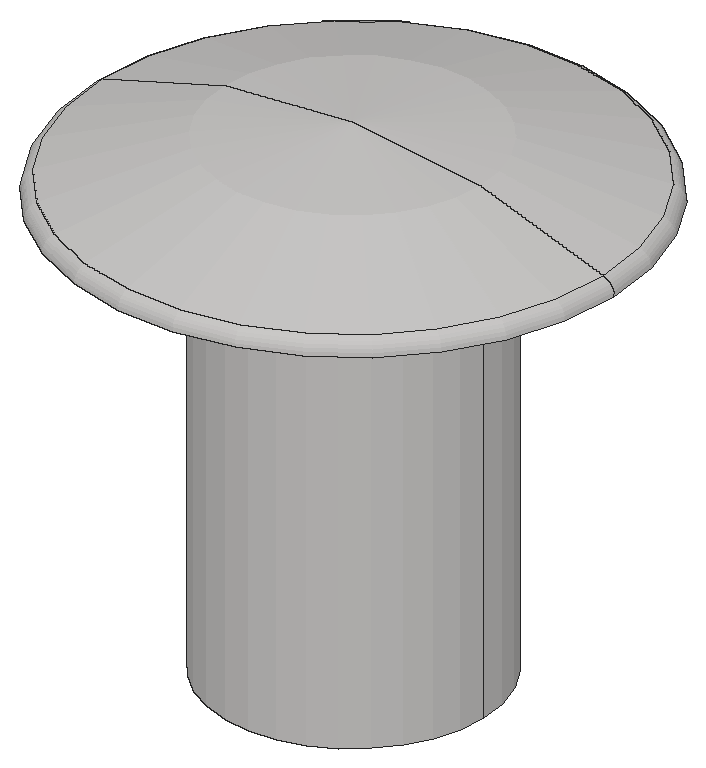
Revit family "PRD_FrankeWS_WshBsnsWsts_DomeWasteValve_ZANMW900", category Plumbing Fixtures, Revit 2018
Family settings
  Round Connector Dimension = Use Diameter
  Part Type = Normal
  Work Plane-Based = Yes
  Always vertical = No
  Cut with Voids When Loaded = No
  Shared = Yes
  Room Calculation Point = No
Parameters (values of type "DomeWasteValve ZANMW900")
  WasteValveMaterial = PRD_AR_StainlessSteel_SatinFinished
  WasteTrapType = "Other"
  WarrantyStartDate [instance] = "1900-12-31T23:59:59"
  WarrantyGuarantorParts = "n/a"
  WarrantyGuarantorLabor = "n/a"
  WarrantyDurationUnit = "year"
  WarrantyDurationParts = "n/a"
  WarrantyDurationLabor = "n/a"
  WarrantyDescription = "n/a"
  Version = "1"
  Uniclass2015Version = "Products v1.7"
  Uniclass2015Title = "Wash basins wastes"
  Uniclass2015Code = "Pr_70_55_96_97"
  URL = "www.kwc.com"
  TailPattern = "n/a"
  TagNumber [instance] = "n/a"
  SustainabilityPerformance = "n/a"
  Standard = "n/a"
  Size = "n/a"
  Shape = "Cylindrical"
  SerialNumber [instance] = "n/a"
  Revision = "n/a"
  ReplacementCost = "n/a"
  ProductInformation = "https://pim.kwc.com/product/2000100861/attachment/datasheet?locale=en"
  OutletConnectionSize = 32 mm
  NominalWidth = 0 mm
  NominalLength = 0 mm
  NominalHeight = 0 mm
  NetWeight = 0.067 kg
  Name = "Dome waste valve ZANMW900"
  NBSTypeID = "n/a"
  NBSReference = "45-35-70/372"
  NBSOfficeMasterTag = "n/a"
  NBSNote = "n/a"
  NBSDescription = "Wastes for wash basins"
  NBSCertification = "n/a"
  ModelReference = "ZANMW900"
  ModelNumber = "2000100861"
  Model = ModelReference  # "ZANMW900"
  MaterialsFinishAndColour = "n/a"
  MaterialsBody = "n/a"
  Material = "n/a"
  ManufacturerURL = "www.kwc.com"
  ManufacturerName = "KWC Group AG"  # constant formula
  Manufacturer = ManufacturerName  # "KWC Group AG"
  InstallationDate [instance] = "1900-12-31T23:59:59"
  InletConnectionSize = 0 mm
  IfcExportType = "WASTETRAP"
  IfcExportAs = "IfcWasteTerminalType"
  GrossWeight = 0.07 kg
  Grade = "n/a"
  Form = "n/a"
  Finish = "n/a"
  Features = "Dome waste valve"
  ExpectedLife = "n/a"
  DurationUnit = "year"
  Description = "Dome waste valve, stainless steel/plastic stem valve, chrome-plated plug, with strainer, connection G 1 1/4 B."
  Default Elevation = 1219.2 mm
  Constituents = "n/a"
  Color = "n/a"
  CodePerformance = "n/a"
  Category = "Pr_70_55_96_97, Wash basins wastes"
  BarCode [instance] = "n/a"
  BIMObjectName = "PRD_AR_WashBasinsWastes_RondoWasteValve_DomeWasteValve_ZANMW900"
  Author = "Archispace"  # constant formula
  AssetType = "Fixed"
  AssetIdentifier [instance] = "n/a"
  AccessibilityPerformance = "n/a"
Reference planes
  plane 1 "Center (Front/Back)": y = 0
  plane 2: z = 0
  plane 3 "Center (Left/Right)": x = 0
Forms (mm)
  Revolve 1, solid, material "PRD_AR_StainlessSteel_SatinFinished" <- "WasteValveMaterial", detail levels fine
    sketch origin (0, 0, 0) x (1, 0, 0) y (0, 0, 1)
      loop
        arc (0, 14) -> (-15.689, 12.446) -> (-30.769, 7.846) r 80
        arc (-30.769, 7.846) -> (-31.664, 7.109) -> (-32, 6) r 2
        line (-32, 6) -> (-16, 6) -> (-16, -46) -> (0, -46) -> (0, 14)
      axis (0, -46) -> (0, 14)
    angle from 0 to 360
  Revolve 2, solid, material "PRD_AR_StainlessSteel_SatinFinished" <- "WasteValveMaterial", detail levels medium
    sketch origin (0, 0, 0) x (1, 0, 0) y (0, 0, 1)
      loop
        line (32, 6) -> (0, 6) -> (0, -46) -> (16, -46) -> (16, 0) -> (32, 0) -> (32, 6)
      axis (0, -46) -> (0, 6)
    angle from 0 to 360
Dimensions and locks
  aligned and locked: level to plane 2
